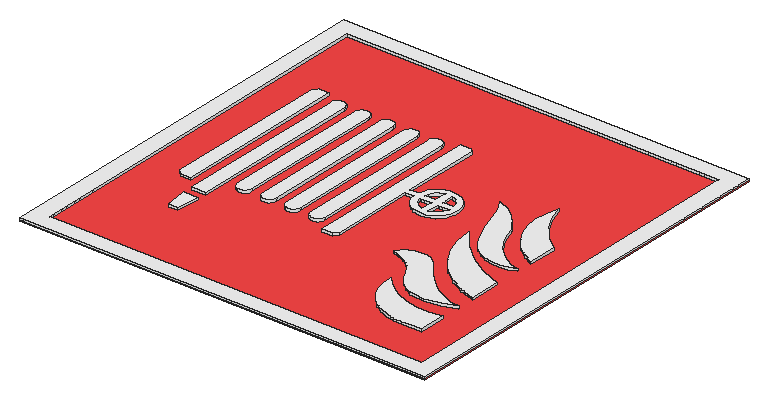
Revit family "GRAS_HW-52N-K-15-20 HS Z", category Osprzęt hydrauliczny, Revit 2018
Family settings
  Obiekt nadrzędny = Powierzchnia
  Wymiar okrągłego złącza = Użyj średnicy
  Typ części = Normalny
  Tnij formami wycięć po wczytaniu = Nie
  Współdzielony = Nie
  Punkt obliczania pomieszczeń = Nie
Parameters (values of type "HW-52N-K-15-20 HS-Z, RAL3000")
  URL = "http://www.gras.pl/"
  Top Right Supply Connection = ""
  Top Left Supply Connection = ""
  Side Right Supply Connection = ""
  Side Left Supply Connection = ""
  Producent = "GRAS PPPH"
  Pictogram_height = 90 mm
  Opis = "http://gras.pl/wp-content/uploads/2020/05/hw-52n-k-15%EF%80%A220-hs-z.pdf"
  Model = "HW-52N-K-15-20 HS-Z, RAL3000"
  K Factor = 42
  H1 = 120 mm
  Flow = 246.0 L/s
  Door_Right - Door_Left [instance] = no
  Default Elevation = 0 mm
  DN = 50 mm
  D1 = 100 mm
  Cabinet width = 800 mm
  Cabinet material = DC01, RAL3000
  Cabinet height = 750 mm
  Cabinet depth = 200 mm
  Back Right Supply Connection = ""
  Back Left Supply Connection = ""
  0 = 0 mm
Types (2, lengths in mm): name | Model | Cabinet material
  HW-52N-K-15-20 HS-Z, RAL9010 | "HW-52N-K-15-20 HS-Z, RAL9010" | DC01, RAL9010
  HW-52N-K-15-20 HS-Z, RAL3000 | "HW-52N-K-15-20 HS-Z, RAL3000" | DC01, RAL3000
Reference planes
  plane 1 "Środek (Przód/Tył)": y = 0
  plane 2: z = 0
  plane 3 "Środek (Lewa/Prawa)": x = 0
  plane 4: y = 375
  plane 5: y = -375
  plane 6: x = -400
  plane 7: x = 400
  plane 8: z = 200
  plane 9: z = 130
  plane 10: x = 397.5
  plane 11: z = 0
  plane 12: x = -397.5
  plane 13: z = 130
  plane 14: z = 130
Forms (mm)
  Extrusion 1, solid, not visible
    sketch origin (0, 0, 0) x (1, 0, 0) y (0, 1, 0)
      loop
        line (-1219.2, 1219.2) -> (-1219.2, -1219.2) -> (1219.2, -1219.2) -> (1219.2, 1219.2) -> (-1219.2, 1219.2)
    from 0 to -304.8
Dimensions and locks
  equal spacing: plane 4, plane 1 "Środek (Przód/Tył)", plane 5
  "Cabinet height": plane 4 to plane 5
  equal spacing: plane 6, plane 3 "Środek (Lewa/Prawa)", plane 7
  "Cabinet width": plane 6 to plane 7
  "Cabinet depth": plane 8 to Extrusion 1
  "0": nested 1 to plane 8
  "0": plane 3 "Środek (Lewa/Prawa)" to nested 1
  "0": plane 3 "Środek (Lewa/Prawa)" to nested 2
  "0": plane 1 "Środek (Przód/Tył)" to nested 2
  "Pictogram_height": plane 4 to nested 1
  aligned and locked: plane 2 to Extrusion 1
  aligned and locked: level to Extrusion 1
Automatic sketch dimensions
  Extrusion 1 sketch curve to Extrusion 1 sketch curve = 2438.4 mm  (x2)
Nested families
  nested 1: "pictogram_hydrant" at (0, 210, 200), type "150x150"
  nested 2: "Cabinet_complet" at (0, 0, 0), visible <- "Door_Right - Door_Left", type "Cabinet_complet"
    with Width 800 mm, Door_Width 800 mm
Connectors
  piping at (399, 255, 100), diameter 50, driven by "DN", driven by "Flow"
    settings: on nested 2, index 1, connector inside diameter 609.6 mm, connector length 0 mm, flow factor 0, pipe flow 246.0 L/s, pressure drop 0.0 Pa, fitting loss kfactor 0, connector angle 0.00°, fixture units 0, engagement length 0 mm, angle of deflection 0.00°, flow configuration 0, flow direction 0, fitting loss method 0, system type 7, joint type 0, gender type 0, connector reference index -1, connector utility 0, adjustable connector no, is connector primary yes, connector description ""
  piping at (-400, 255, 100), diameter 50, driven by "DN", driven by "Flow"
    settings: on nested 2, index 3, connector inside diameter 609.6 mm, connector length 0 mm, flow factor 0, pipe flow 246.0 L/s, pressure drop 0.0 Pa, fitting loss kfactor 0, connector angle 0.00°, fixture units 0, engagement length 0 mm, angle of deflection 0.00°, flow configuration 0, flow direction 0, fitting loss method 0, system type 19, joint type 0, gender type 0, connector reference index -1, connector utility 0, adjustable connector no, is connector primary no, connector description ""
Definition of nested family "pictogram_hydrant"
  Parameters (values of type "150x150")
    pictogram_color_white = none
    pictogram_color_red = none
    W = 150 mm
    H = 150 mm
    Default Elevation = 1219.2 mm
  Reference planes
    plane 1 "Środek (Przód/Tył)": y = 0
    plane 2: z = 0
    plane 3 "Środek (Lewa/Prawa)": x = 0
    plane 4: x = -75
    plane 5: x = 75
    plane 6: y = 75
    plane 7: x = -75
    plane 8: x = 75
    plane 9: y = 75
    plane 10: y = -75
  Forms (mm)
    Extrusion 1, solid, material <- "pictogram_color_white", detail levels fine
      sketch origin (0, 0, 0) x (1, 0, 0) y (0, 1, 0)
        loop
          arc (-42.375, 34.5) -> (-45, 37.125) -> (-47.625, 34.5) r 2.625
          line (-47.625, 34.5) -> (-47.625, -29.625) -> (-42.375, -29.625) -> (-42.375, 34.5)
        loop
          arc (-38.625, -19.5) -> (-36, -22.125) -> (-33.375, -19.5) r 2.625
          line (-33.375, -19.5) -> (-33.375, 34.5)
          arc (-33.375, 34.5) -> (-36, 37.125) -> (-38.625, 34.5) r 2.625
          line (-38.625, 34.5) -> (-38.625, -19.5)
        loop
          arc (-29.625, -19.5) -> (-27, -22.125) -> (-24.375, -19.5) r 2.625
          line (-24.375, -19.5) -> (-24.375, 34.5)
          arc (-24.375, 34.5) -> (-27, 37.125) -> (-29.625, 34.5) r 2.625
          line (-29.625, 34.5) -> (-29.625, -19.5)
        loop
          arc (-20.625, -19.5) -> (-18, -22.125) -> (-15.375, -19.5) r 2.625
          line (-15.375, -19.5) -> (-15.375, 34.5)
          arc (-15.375, 34.5) -> (-18, 37.125) -> (-20.625, 34.5) r 2.625
          line (-20.625, 34.5) -> (-20.625, -19.5)
        loop
          arc (-11.625, -19.5) -> (-9, -22.125) -> (-6.375, -19.5) r 2.625
          line (-6.375, -19.5) -> (-6.375, 34.5)
          arc (-6.375, 34.5) -> (-9, 37.125) -> (-11.625, 34.5) r 2.625
          line (-11.625, 34.5) -> (-11.625, -19.5)
        loop
          arc (8.096, 6.375) -> (9.601, 3.593) -> (12.375, 2.075) r 5.587
          line (12.375, 2.075) -> (12.375, 6.375) -> (8.096, 6.375)
        loop
          arc (14.625, 2.05) -> (17.477, 3.549) -> (19.026, 6.375) r 5.587
          line (19.026, 6.375) -> (14.625, 6.375) -> (14.625, 2.05)
        loop
          arc (12.375, 12.994) -> (9.576, 11.45) -> (8.081, 8.625) r 5.587
          line (8.081, 8.625) -> (12.375, 8.625) -> (12.375, 12.994)
        loop
          arc (19.04, 8.625) -> (17.502, 11.494) -> (14.625, 13.019) r 5.587
          line (14.625, 13.019) -> (14.625, 8.625) -> (19.04, 8.625)
        loop
          arc (30.735, -35.586) -> (34.985, -47.78) -> (46.5, -53.625) r 17.285
          line (46.5, -53.625) -> (56.625, -53.625) -> (56.625, -43.857)
          arc (56.625, -43.857) -> (42.542, -43.284) -> (30.735, -35.586) r 26.558
        loop
          arc (43.5, 26.625) -> (44.037, 9.214) -> (56.632, -2.819) r 22.981
          line (56.632, -2.819) -> (56.601, 7.732)
          arc (56.601, 7.732) -> (48.159, 15.867) -> (43.5, 26.625) r 29.857
        loop
          arc (36.375, -1.5) -> (44.77, -9.178) -> (56.121, -8.425) r 14.487
          arc (56.121, -8.425) -> (50.239, -6.221) -> (45.629, -1.954) r 16.287
          arc (45.629, -1.954) -> (42.437, 2.964) -> (40.404, 8.464) r 26.509
          arc (40.404, 8.464) -> (34.776, 15.029) -> (27.375, 19.5) r 27.251
          arc (27.375, 19.5) -> (29.19, 16.657) -> (30.375, 13.5) r 16.152
          arc (30.375, 13.5) -> (32.842, 5.787) -> (36.375, -1.5) r 57.118
        loop
          line (75, -75) -> (75, 75) -> (-75, 75) -> (-75, -75) -> (75, -75)
        loop
          line (69, -69) -> (69, 69) -> (-69, 69) -> (-69, -69) -> (69, -69)
        loop
          line (-55.125, -25.5) -> (-51.375, -25.5) -> (-51.375, 38.625) -> (-55.125, 38.625) -> (-56.625, 37.125) -> (-56.625, -24) -> (-55.125, -25.5)
        loop
          line (-43.234, -41.671) -> (-42.368, -33.375) -> (-47.658, -33.375) -> (-46.721, -41.671) -> (-43.234, -41.671)
        loop
          line (5.748, 8.625) -> (2.625, 8.625) -> (2.625, 37.125) -> (1.125, 38.625) -> (-2.625, 38.625) -> (-2.625, -25.5) -> (1.125, -25.5) -> (2.625, -24) -> (2.625, 6.375) -> (5.748, 6.375)
          arc (5.748, 6.375) -> (21.333, 7.5) -> (5.748, 8.625) r 7.833
        loop
          arc (56.626, -18.699) -> (42.495, -11.687) -> (31.5, -0.375) r 46.748
          arc (31.5, -0.375) -> (38.925, -19.413) -> (56.626, -29.624) r 30.825
          line (56.626, -29.624) -> (56.626, -18.699)
        loop
          arc (30.403, -18.389) -> (25.366, -19.297) -> (21.375, -22.5) r 10.383
          arc (21.375, -22.5) -> (27.7, -25.134) -> (32.166, -30.331) r 14.829
          arc (32.166, -30.331) -> (35.524, -35.29) -> (40.5, -38.625) r 15.649
          arc (40.5, -38.625) -> (48.741, -38.75) -> (56.621, -36.335) r 26.465
          arc (56.621, -36.335) -> (49.534, -34.515) -> (43.5, -30.375) r 21.005
          arc (43.5, -30.375) -> (39.113, -26.466) -> (35.439, -21.881) r 35.088
          arc (35.439, -21.881) -> (33.209, -19.719) -> (30.403, -18.389) r 9.54
      from 0.2 to 1
    Extrusion 2, solid, material <- "pictogram_color_red", detail levels fine
      sketch origin (0, 0, 0) x (1, 0, 0) y (0, 1, 0)
        loop
          line (-75, 75) -> (-75, -75) -> (75, -75) -> (75, 75) -> (-75, 75)
      from 0 to 0.2
  Dimensions and locks
    equal spacing: plane 7, plane 3 "Środek (Lewa/Prawa)", plane 8
    "W": plane 7 to plane 8
    equal spacing: plane 9, plane 1 "Środek (Przód/Tył)", plane 10
    "H": plane 9 to plane 10
    aligned and locked: level to plane 2
    aligned and locked: Extrusion 1 to Extrusion 2  (x2)
    aligned and locked: Extrusion 2 to Extrusion 1  (x3)
    aligned and locked: Extrusion 1 to plane 7
    aligned and locked: plane 8 to Extrusion 1
    aligned and locked: plane 9 to Extrusion 1
    aligned and locked: Extrusion 1 to plane 10
  Automatic sketch dimensions
    Extrusion 1 sketch curve to Extrusion 1 sketch curve = 0 mm  (x22)
    Extrusion 1 sketch curve to plane 4 = 0 mm
    Extrusion 1 sketch curve to plane 5 = 0 mm
    Extrusion 1 sketch curve to plane 6 = 0 mm
    plane 4 to Extrusion 1 sketch curve = 6 mm
    plane 4 to Extrusion 1 sketch curve = 18.375 mm
    Extrusion 1 sketch curve to Extrusion 1 sketch curve = 1.5 mm  (x7)
    Extrusion 1 sketch curve to Extrusion 1 sketch curve = 3.75 mm  (x6)
    Extrusion 1 sketch curve to Extrusion 1 sketch curve = 3.717 mm
    Extrusion 1 sketch curve to Extrusion 1 sketch curve = 0.033 mm
    Extrusion 1 sketch curve to Extrusion 1 sketch curve = 0.938 mm
    Extrusion 1 sketch curve to Extrusion 1 sketch curve = 2.625 mm  (x7)
    Extrusion 1 sketch curve to Extrusion 1 sketch curve = 3.487 mm
    Extrusion 1 sketch curve to Extrusion 1 sketch curve = 0.007 mm
    Extrusion 1 sketch curve to plane 3 "Środek (Lewa/Prawa)" = 2.625 mm
    plane 3 "Środek (Lewa/Prawa)" to Extrusion 1 sketch curve = 1.125 mm  (x2)
    plane 3 "Środek (Lewa/Prawa)" to Extrusion 1 sketch curve = 2.625 mm
    Extrusion 1 sketch curve to Extrusion 1 sketch curve = 3.123 mm
    Extrusion 1 sketch curve to Extrusion 1 sketch curve = 2.333 mm
    Extrusion 1 sketch curve to Extrusion 1 sketch curve = 0.014 mm  (x2)
    Extrusion 1 sketch curve to Extrusion 1 sketch curve = 4.294 mm
    Extrusion 1 sketch curve to Extrusion 1 sketch curve = 1.125 mm  (x2)
    Extrusion 1 sketch curve to Extrusion 1 sketch curve = 0.061 mm
    Extrusion 1 sketch curve to Extrusion 1 sketch curve = 1.064 mm  (x2)
    Extrusion 1 sketch curve to Extrusion 1 sketch curve = 0.118 mm
    Extrusion 1 sketch curve to Extrusion 1 sketch curve = 2.539 mm
    plane 3 "Środek (Lewa/Prawa)" to Extrusion 1 sketch curve = 18.99 mm
    Extrusion 1 sketch curve to Extrusion 1 sketch curve = 4.401 mm
    Extrusion 1 sketch curve to Extrusion 1 sketch curve = 8.783 mm
    Extrusion 1 sketch curve to Extrusion 1 sketch curve = 1.895 mm
    plane 1 "Środek (Przód/Tył)" to Extrusion 1 sketch curve = 12.549 mm
    Extrusion 1 sketch curve to Extrusion 1 sketch curve = 15.349 mm
    Extrusion 1 sketch curve to plane 5 = 28.5 mm
    Extrusion 1 sketch curve to Extrusion 1 sketch curve = 1.545 mm
    Extrusion 1 sketch curve to Extrusion 1 sketch curve = 1.437 mm
    Extrusion 1 sketch curve to plane 1 "Środek (Przód/Tył)" = 4.493 mm
    Extrusion 1 sketch curve to Extrusion 1 sketch curve = 4.546 mm
    Extrusion 1 sketch curve to Extrusion 1 sketch curve = 4.061 mm
    Extrusion 1 sketch curve to Extrusion 1 sketch curve = 7.037 mm
    Extrusion 1 sketch curve to Extrusion 1 sketch curve = 10.125 mm
    Extrusion 1 sketch curve to Extrusion 1 sketch curve = 8.626 mm
    plane 1 "Środek (Przód/Tył)" to Extrusion 1 sketch curve = 2.819 mm
    Extrusion 1 sketch curve to Extrusion 1 sketch curve = 7.068 mm
    Extrusion 1 sketch curve to Extrusion 1 sketch curve = 1.594 mm
    Extrusion 1 sketch curve to Extrusion 1 sketch curve = 2.188 mm
    Extrusion 1 sketch curve to plane 1 "Środek (Przód/Tył)" = 0.672 mm
    Extrusion 1 sketch curve to Extrusion 1 sketch curve = 5.675 mm
    plane 1 "Środek (Przód/Tył)" to Extrusion 1 sketch curve = 2.314 mm
    Extrusion 1 sketch curve to Extrusion 1 sketch curve = 2.258 mm
    Extrusion 1 sketch curve to plane 5 = 9.975 mm
    Extrusion 1 sketch curve to Extrusion 1 sketch curve = 1.108 mm
    Extrusion 1 sketch curve to plane 5 = 6 mm
    Extrusion 1 sketch curve to plane 5 = 4.96 mm
    Extrusion 1 sketch curve to plane 5 = 2.306 mm
    plane 5 to Extrusion 1 sketch curve = 10.875 mm
    Extrusion 1 sketch curve to Extrusion 1 sketch curve = 12.572 mm
    Extrusion 1 sketch curve to Extrusion 1 sketch curve = 5.437 mm
    Extrusion 1 sketch curve to Extrusion 1 sketch curve = 3.308 mm
    plane 1 "Środek (Przód/Tył)" to Extrusion 1 sketch curve = 19.5 mm
    Extrusion 1 sketch curve to Extrusion 1 sketch curve = 4.5 mm  (x2)
    Extrusion 1 sketch curve to Extrusion 1 sketch curve = 6.213 mm
    Extrusion 1 sketch curve to Extrusion 1 sketch curve = 3.361 mm
    Extrusion 1 sketch curve to Extrusion 1 sketch curve = 1.186 mm
    Extrusion 1 sketch curve to Extrusion 1 sketch curve = 10.925 mm
    Extrusion 1 sketch curve to Extrusion 1 sketch curve = 4.125 mm
    Extrusion 1 sketch curve to Extrusion 1 sketch curve = 6.781 mm
    Extrusion 1 sketch curve to Extrusion 1 sketch curve = 9.577 mm
    Extrusion 1 sketch curve to Extrusion 1 sketch curve = 8.296 mm
    Extrusion 1 sketch curve to Extrusion 1 sketch curve = 7.452 mm
    Extrusion 1 sketch curve to Extrusion 1 sketch curve = 9.768 mm
    Extrusion 1 sketch curve to Extrusion 1 sketch curve = 27.329 mm
    Extrusion 1 sketch curve to Extrusion 1 sketch curve = 6 mm
    plane 1 "Środek (Przód/Tył)" to Extrusion 1 sketch curve = 5.765 mm
    Extrusion 1 sketch curve to plane 1 "Środek (Przód/Tył)" = 2.05 mm
    Extrusion 1 sketch curve to plane 1 "Środek (Przód/Tył)" = 2.075 mm
    Extrusion 1 sketch curve to Extrusion 1 sketch curve = 4.325 mm
    Extrusion 1 sketch curve to Extrusion 1 sketch curve = 0.034 mm
    Extrusion 1 sketch curve to plane 1 "Środek (Przód/Tył)" = 7.642 mm
    Extrusion 1 sketch curve to Extrusion 1 sketch curve = 0.09 mm
    Extrusion 1 sketch curve to Extrusion 1 sketch curve = 2.25 mm
    Extrusion 1 sketch curve to Extrusion 1 sketch curve = 0.809 mm
    Extrusion 1 sketch curve to Extrusion 1 sketch curve = 7.206 mm
    Extrusion 1 sketch curve to Extrusion 1 sketch curve = 3.727 mm
    Extrusion 1 sketch curve to Extrusion 1 sketch curve = 7.508 mm
    Extrusion 1 sketch curve to Extrusion 1 sketch curve = 0.917 mm
    Extrusion 1 sketch curve to Extrusion 1 sketch curve = 6.797 mm
    Extrusion 1 sketch curve to plane 1 "Środek (Przód/Tył)" = 34.5 mm
    Extrusion 1 sketch curve to plane 6 = 6 mm
    Extrusion 1 sketch curve to Extrusion 1 sketch curve = 6.399 mm
    Extrusion 1 sketch curve to Extrusion 1 sketch curve = 8.335 mm
    Extrusion 1 sketch curve to Extrusion 1 sketch curve = 3 mm
    Extrusion 1 sketch curve to Extrusion 1 sketch curve = 2.63 mm
    Extrusion 1 sketch curve to Extrusion 1 sketch curve = 2.497 mm
    Extrusion 1 sketch curve to Extrusion 1 sketch curve = 5.036 mm
    plane 1 "Środek (Przód/Tył)" to Extrusion 1 sketch curve = 1.5 mm
    Extrusion 1 sketch curve to Extrusion 1 sketch curve = 4.875 mm
    Extrusion 1 sketch curve to plane 1 "Środek (Przód/Tył)" = 8.464 mm
    Extrusion 1 sketch curve to Extrusion 1 sketch curve = 7.5 mm
    Extrusion 1 sketch curve to Extrusion 1 sketch curve = 3.063 mm
    plane 1 "Środek (Przód/Tył)" to Extrusion 1 sketch curve = 1.954 mm
    Extrusion 1 sketch curve to Extrusion 1 sketch curve = 0.005 mm
    Extrusion 2 sketch curve to plane 4 = 0 mm
    Extrusion 2 sketch curve to plane 5 = 0 mm
    Extrusion 2 sketch curve to plane 6 = 0 mm
    plane 1 "Środek (Przód/Tył)" to Extrusion 2 sketch curve = 75 mm
Definition of nested family "Cabinet_complet"
  Parameters (values of type "Cabinet_complet")
    W1 = 120 mm
    Visible_Right = not(Left_Right)  # yes
    Thickness = 1 mm
    Rubber = 8 mm
    Roof = 40 mm
    Material_hinge_lock = none
    Material = none
    Left_Right = no
    Hinge_H2 = Height - Roof - Frame - 100 mm  # 588 mm
    Hinge_H1 = 100 mm
    Half_Height = Height / 2  # 375 mm
    Height = 750 mm
    Width = 600 mm
    H1 = 120 mm
    Gap = 4 mm
    Frame = 22 mm
    Flow = 246.0 L/s
    Door_Width = Width  # 600 mm
    Door_Rubber = Depth - Door_Depth  # 178 mm
    Door_Height = Height - Gap - Roof - Frame  # 684 mm
    Door_Half_Height = Door_Height / 2  # 342 mm
    Door_Depth = 22 mm
    Depth = 200 mm
    DN_Hole = DN + 20 mm  # 70 mm
    DN = 50 mm
    D1 = 100 mm
    0 = 0 mm
  Reference planes
    plane 1 "Środek (Przód/Tył)": y = 0
    plane 2: z = 0
    plane 3 "Środek (Lewa/Prawa)": x = 0
    plane 4: z = 200
    plane 5: y = 750
    plane 6: y = -375
    plane 7: x = 300
    plane 8: x = -300
    plane 9: y = -33
  Dimensions and locks
    "0": plane 3 "Środek (Lewa/Prawa)" to nested 1
    "0": plane 1 "Środek (Przód/Tył)" to nested 1
    "Height": plane 5 to plane 1 "Środek (Przód/Tył)"
    "0": plane 3 "Środek (Lewa/Prawa)" to nested 2
    "Door_Rubber": nested 2 to plane 2
    "Half_Height": plane 1 "Środek (Przód/Tył)" to plane 6
    "0": nested 2 to plane 6
    equal spacing: plane 7, plane 3 "Środek (Lewa/Prawa)", plane 8
    "Width": plane 7 to plane 8
    "Depth": plane 4 to level
    "0": nested 3 to plane 8
    "0": nested 4 to plane 8
    "Hinge_H1": plane 6 to nested 4
    "Hinge_H2": nested 3 to plane 6
    "Gap": nested 3 to plane 4
    "Gap": plane 4 to nested 4
    "0": nested 6 to plane 8
    "0": plane 7 to nested 5
    "Door_Half_Height": plane 9 to plane 6
    "0": plane 9 to nested 5
    "0": nested 6 to plane 9
    "Gap": nested 6 to plane 4
    "Gap": plane 4 to nested 5
    "0": plane 3 "Środek (Lewa/Prawa)" to nested 7
    "0": nested 7 to plane 1 "Środek (Przód/Tył)"
    "0": plane 7 to nested 8
    "0": plane 7 to nested 9
    "Hinge_H1": plane 6 to nested 9
    "Hinge_H2": plane 6 to nested 8
    "Gap": plane 4 to nested 9
    "Gap": plane 4 to nested 8
    aligned and locked: level to plane 2
  Nested families
    nested 1: "HS-Z v2" at (0, 0, 0), visible <- "Visible_Right", type "HS-Z v2"
    nested 2: "door" at (0, -33, 178), type "door"
      with Height 684 mm, Width 600 mm
    nested 3: "zawias" at (-305, 238, 166) x (-1, 0, 0) z (0, 0, 1), visible <- "Left_Right", type "zawias"
      with Visible no
    nested 4: "zawias" at (-305, -250, 166) x (-1, 0, 0) z (0, 0, 1), visible <- "Left_Right", type "zawias"
      with Visible no
    nested 5: "zamek" at (300, -33, 161), visible <- "Left_Right", type "zamek"
    nested 6: "zamek" at (-300, -33, 161) x (-1, 0, 0) z (0, 0, 1), visible <- "Visible_Right", type "zamek"
    nested 7: "HS-Z v2" at (0, 0, 0) x (-1, 0, 0) z (0, 0, 1), visible <- "Left_Right", type "HS-Z v2"
    nested 8: "zawias" at (305, 238, 166), visible <- "Visible_Right", type "zawias"
      with Visible no
    nested 9: "zawias" at (305, -250, 166), visible <- "Visible_Right", type "zawias"
      with Visible no
  Definition of nested family "HS-Z v2"
    Parameters (values of type "HS-Z v2")
      Width = 600 mm
      W1 = 120 mm
      D1 = 100 mm
      Thickness = 1 mm
      Srednica = 70 mm
      Rubber = 8 mm
      Roof_out = 10 mm
      Roof_Height = 40 mm
      Materiał = none
      Height = 750 mm
      H1 = 120 mm
      Frame = 22 mm
      Door_Depth_rubber = Door_Depth + Rubber  # 30 mm
      Door_Depth = 22 mm
      Depth = 200 mm
      DN = 70 mm
      Cabinet_depth = Depth - Door_Depth_rubber  # 170 mm
      0 = 0 mm
    Reference planes
      plane 1 "Środek (Przód/Tył)": y = 0
      plane 2: z = 0
      plane 3 "Środek (Lewa/Prawa)": x = 0
      plane 4: x = -300
      plane 5: x = 300
      plane 6: y = 375
      plane 7: y = -375
      plane 8: z = 200
      plane 9: z = 170
      plane 10: y = 335
      plane 11: y = 313
      plane 12: z = 210
      plane 13: y = 291
      plane 14: z = 209
      plane 15: z = 1
      plane 16: y = -374
      plane 17: z = 169
      plane 18: y = 374
      plane 19: y = 314
      plane 20: y = 334
      plane 21: x = 299
      plane 22: x = -299
      plane 23: x = -278
      plane 24: x = 278
      plane 25: y = -353
      plane 26: y = 255
      plane 27: z = 100
      plane 28: x = 180
    Forms (mm)
      Extrusion 1, solid, material <- "Materiał"
        sketch origin (0, 0, 0) x (0, 1, 0) y (0, 0, 1)
          loop
            line (375, 0) -> (335, 210) -> (313, 210) -> (319.154, 170) -> (-375, 170) -> (-375, 0) -> (375, 0)
        from -300 to 300
      Extrusion 2, void
        sketch origin (0, 0, 0) x (0, 1, 0) y (0, 0, 1)
          loop
            line (374, 1) -> (334, 209) -> (314, 209) -> (320.202, 169) -> (-374, 169) -> (-374, 1) -> (374, 1)
        from -299 to 299
      Extrusion 3, void
        sketch origin (0, 0, 0) x (1, 0, 0) y (0, 1, 0)
          loop
            line (-278, 291) -> (-278, -353) -> (278, -353) -> (278, 291) -> (-278, 291)
        from 1 to 210
      Extrusion 4, void
        sketch origin (300, 0, 0) x (0, -1, 0) y (0, 0, 1)
          loop
            circle (-255, 100) r 35
        from 0 to 1
    Cuts and joins
      Extrusion 2, Extrusion 3, Extrusion 4 cuts Extrusion 1
    Dimensions and locks
      equal spacing: plane 4, plane 3 "Środek (Lewa/Prawa)", plane 5
      "Width": plane 4 to plane 5
      equal spacing: plane 6, plane 1 "Środek (Przód/Tył)", plane 7
      "Height": plane 6 to plane 7
      "Roof_Height": plane 6 to plane 10
      "Frame": plane 10 to plane 11
      "Cabinet_depth": plane 9 to plane 2
      "Depth": plane 8 to plane 2
      "Roof_out": plane 12 to plane 8
      "Frame": plane 11 to plane 13
      "Thickness": plane 12 to plane 14
      "Thickness": plane 15 to plane 2
      "Thickness": plane 16 to plane 7
      "Thickness": plane 9 to plane 17
      "Thickness": plane 6 to plane 18
      "Thickness": plane 19 to plane 11
      "Thickness": plane 10 to plane 20
      "Thickness": plane 4 to plane 22
      "Thickness": plane 21 to plane 5
      "Frame": plane 25 to plane 7
      "Frame": plane 4 to plane 23
      "Frame": plane 24 to plane 5
      "0": cut or joined group of Extrusion 1, Extrusion 2, Extrusion 3, Extrusion 4 to plane 5
      "0": plane 4 to cut or joined group of Extrusion 1, Extrusion 2, Extrusion 3, Extrusion 4
      "0": plane 22 to cut or joined group of Extrusion 1, Extrusion 2, Extrusion 3, Extrusion 4
      "0": cut or joined group of Extrusion 1, Extrusion 2, Extrusion 3, Extrusion 4 to plane 21
      "0": plane 12 to cut or joined group of Extrusion 1, Extrusion 2, Extrusion 3, Extrusion 4
      "D1": plane 27 to level
      "H1": plane 6 to plane 26
      "W1": plane 28 to plane 5
      "0": cut or joined group of Extrusion 1, Extrusion 2, Extrusion 3, Extrusion 4 to cut or joined group of Extrusion 1, Extrusion 2, Extrusion 3, Extrusion 4
      "0": plane 21 to cut or joined group of Extrusion 1, Extrusion 2, Extrusion 3, Extrusion 4
      "0": Extrusion 4 sketch curve to plane 26
      "0": Extrusion 4 sketch curve to plane 27
      "DN": diameter of Extrusion 4 sketch curve
      aligned and locked: level to plane 2
    Automatic sketch dimensions
      Extrusion 1 sketch curve to plane 7 = 0 mm
      Extrusion 1 sketch curve to plane 11 = 0 mm
      Extrusion 1 sketch curve to plane 9 = 0 mm
      Extrusion 1 sketch curve to plane 10 = 0 mm
      Extrusion 1 sketch curve to level = 0 mm
      Extrusion 1 sketch curve to plane 6 = 0 mm
      Extrusion 1 sketch curve to plane 12 = 0 mm
      Extrusion 1 sketch curve to plane 11 = 6.154 mm
      Extrusion 2 sketch curve to plane 16 = 0 mm
      Extrusion 2 sketch curve to plane 15 = 0 mm
      Extrusion 2 sketch curve to plane 14 = 0 mm
      Extrusion 2 sketch curve to plane 19 = 0 mm
      Extrusion 2 sketch curve to plane 17 = 0 mm
      Extrusion 2 sketch curve to plane 20 = 0 mm
      Extrusion 2 sketch curve to plane 18 = 0 mm
      Extrusion 2 sketch curve to plane 19 = 6.202 mm
      Extrusion 3 sketch curve to plane 23 = 0 mm
      plane 13 to Extrusion 3 sketch curve = 0 mm
      Extrusion 3 sketch curve to plane 24 = 0 mm
      Extrusion 3 sketch curve to plane 25 = 0 mm
  Definition of nested family "door"
    Parameters (values of type "door")
      Material = none
      Height = 829 mm
      Width = 795 mm
      Depth = 22 mm
      0 = 0 mm
    Reference planes
      plane 1 "Środek (Przód/Tył)": y = 0
      plane 2: z = 0
      plane 3 "Środek (Lewa/Prawa)": x = 0
      plane 4: x = -397.5
      plane 5: x = 397.5
      plane 6: y = 414.5
      plane 7: y = -414.5
      plane 8: z = 22
    Forms (mm)
      Extrusion 1, solid, material <- "Material"
        sketch origin (0, 0, 0) x (1, 0, 0) y (0, 1, 0)
          loop
            line (-397.5, 414.5) -> (-397.5, -414.5) -> (397.5, -414.5) -> (397.5, 414.5) -> (-397.5, 414.5)
        from 0 to 22
    Dimensions and locks
      equal spacing: plane 6, plane 1 "Środek (Przód/Tył)", plane 7
      equal spacing: plane 4, plane 3 "Środek (Lewa/Prawa)", plane 5
      "Width": plane 4 to plane 5
      "Height": plane 6 to plane 7
      "Depth": plane 8 to plane 2
      "0": plane 8 to Extrusion 1
      aligned and locked: level to plane 2
    Automatic sketch dimensions
      Extrusion 1 sketch curve to plane 4 = 0 mm
      Extrusion 1 sketch curve to plane 5 = 0 mm
      Extrusion 1 sketch curve to plane 7 = 0 mm
      Extrusion 1 sketch curve to plane 6 = 0 mm
  Definition of nested family "zawias"
    Parameters (values of type "zawias")
      width_height = 50 mm
      faza = 3 mm
      Visible = yes
      Materiał = none
      Depth = 10 mm
    Reference planes
      plane 1 "Środek (Przód/Tył)": y = 0
      plane 2: z = 0
      plane 3 "Środek (Lewa/Prawa)": x = 0
      plane 4: x = -25
      plane 5: y = 25
      plane 6: x = 25
      plane 7: y = -25
      plane 8: z = 10
      plane 9: z = 7
      plane 10: x = -3
      plane 11: x = 3
      plane 12: x = 22
      plane 13: x = -22
    Forms (mm)
      Extrusion 1, solid, material <- "Materiał"
        sketch origin (-5, 0, 5) x (0, 0, -1) y (1, 0, 0)
          loop
            line (-25, 0) -> (25, 0) -> (25, 7) -> (22, 10) -> (3, 10) -> (0, 7) -> (-3, 10) -> (-22, 10) -> (-25, 7) -> (-25, 0)
        from -25 to 25
    Dimensions and locks
      equal spacing: plane 4, plane 3 "Środek (Lewa/Prawa)", plane 6
      "width_height": plane 4 to plane 6
      equal spacing: plane 5, plane 1 "Środek (Przód/Tył)", plane 7
      "width_height": plane 5 to plane 7
      "Depth": plane 8 to plane 2
      "faza": plane 8 to plane 9
      "faza": plane 13 to plane 4
      "faza": plane 3 "Środek (Lewa/Prawa)" to plane 10
      "faza": plane 11 to plane 3 "Środek (Lewa/Prawa)"
      "faza": plane 6 to plane 12
      aligned and locked: level to plane 2
    Automatic sketch dimensions
      Extrusion 1 sketch curve to plane 10 = 2 mm
      plane 8 to Extrusion 1 sketch curve = 20 mm
      plane 11 to Extrusion 1 sketch curve = 2 mm  (x2)
      Extrusion 1 sketch curve to Extrusion 1 sketch curve = 3 mm  (x2)
      plane 9 to Extrusion 1 sketch curve = 1 mm
      Extrusion 1 sketch curve to plane 9 = 2 mm
      level to Extrusion 1 sketch curve = 2 mm
      Extrusion 1 sketch curve to level = 17 mm
      Extrusion 1 sketch curve to plane 11 = 1 mm  (x2)
  Definition of nested family "zamek"
    Parameters (values of type "zamek")
      height = 20 mm
      depth = 10 mm
      border = 3 mm
      Width = 35 mm
      Material = none
    Reference planes
      plane 1 "Środek (Przód/Tył)": y = 0
      plane 2: z = 0
      plane 3 "Środek (Lewa/Prawa)": x = 0
      plane 4: y = 10
      plane 5: y = -10
      plane 6: y = -7
      plane 7: y = 7
      plane 8: x = 10
      plane 9: x = 3
      plane 10: y = 4
      plane 11: y = -4
      plane 12: z = 35
    Forms (mm)
      Extrusion 1, solid, material <- "Material"
        sketch origin (0, 0, 0) x (1, 0, 0) y (0, 1, 0)
          loop
            line (0, 10) -> (0, -10) -> (10, -10) -> (10, -7) -> (3, -7) -> (3, -4) -> (10, -4) -> (10, 4) -> (3, 4) -> (3, 7) -> (10, 7) -> (10, 10) -> (0, 10)
        from 0 to 35
    Dimensions and locks
      equal spacing: plane 4, plane 1 "Środek (Przód/Tył)", plane 5
      "height": plane 4 to plane 5
      "border": plane 6 to plane 5
      "border": plane 7 to plane 4
      "border": plane 3 "Środek (Lewa/Prawa)" to plane 9
      "depth": plane 3 "Środek (Lewa/Prawa)" to plane 8
      "border": plane 10 to plane 7
      "border": plane 11 to plane 6
      "Width": plane 12 to plane 2
      aligned and locked: level to plane 2
    Automatic sketch dimensions
      Extrusion 1 sketch curve to plane 3 "Środek (Lewa/Prawa)" = 0 mm
      Extrusion 1 sketch curve to plane 9 = 0 mm  (x2)
      plane 7 to Extrusion 1 sketch curve = 0 mm
      Extrusion 1 sketch curve to plane 8 = 0 mm  (x3)
      Extrusion 1 sketch curve to plane 6 = 0 mm
      Extrusion 1 sketch curve to plane 5 = 0 mm
      Extrusion 1 sketch curve to plane 11 = 0 mm
      plane 10 to Extrusion 1 sketch curve = 0 mm
      Extrusion 1 sketch curve to plane 4 = 0 mm
